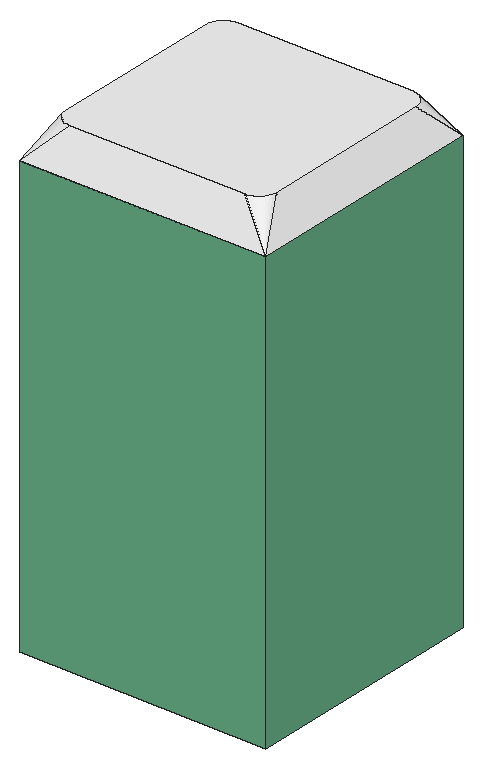
Revit family
Parameters (values of type "Porta-John")
  깊이 = 1050 mm
  폭 = 1050 mm
Reference planes
  plane 1 "중심(앞/뒤)": y = 6.318
  plane 2: z = 0
  plane 3 "중심(왼쪽/오른쪽)": x = 12.166
  plane 4: y = 531.318
  plane 5: x = 537.166
  plane 6: y = -518.682
  plane 7: x = -512.834
  plane 8: z = 2032
  plane 9: z = 1879.6
Forms (mm)
  Extrusion 1, solid, material "플라스틱 - 녹색"
    sketch origin (0, 0, 0) x (1, 0, 0) y (0, 1, 0)
      loop
        line (-512.834, 531.318) -> (-512.834, -518.682) -> (537.166, -518.682) -> (537.166, 531.318) -> (-512.834, 531.318)
    from 0 to 1879.6
  Blend 2, solid, material "플라스틱 - 흰색"
    base sketch origin (0, 0, 0) x (1, 0, 0) y (0, 1, 0)
      loop
        line (-512.834, 531.318) -> (-512.834, -518.682) -> (537.166, -518.682) -> (537.166, 531.318) -> (-512.834, 531.318)
    top sketch origin (0, 0, 0) x (1, 0, 0) y (0, 1, 0)
      loop
        arc (-360.434, 455.118) -> (-414.315, 432.8) -> (-436.634, 378.918) r 76.2
        line (-436.634, 378.918) -> (-436.634, -366.282)
        arc (-436.634, -366.282) -> (-414.315, -420.164) -> (-360.434, -442.482) r 76.2
        line (-360.434, -442.482) -> (384.766, -442.482)
        arc (384.766, -442.482) -> (438.648, -420.164) -> (460.966, -366.282) r 76.2
        line (460.966, -366.282) -> (460.966, 378.918)
        arc (460.966, 378.918) -> (438.648, 432.8) -> (384.766, 455.118) r 76.2
        line (384.766, 455.118) -> (-360.434, 455.118)
    from 1879.6 to 2032
Lines and regions (mm)
  Split face 1
    outline origin (-512.834, -518.682, 1879.6) x (0, 0, -1) y (1, 0, 0)
      loop
        line (1854.2, 203.2) -> (1854.2, 863.6) -> (250.478, 863.6)
        arc (250.478, 863.6) -> (142.715, 818.963) -> (98.078, 711.2) r 152.4
        line (98.078, 711.2) -> (98.078, 355.6)
        arc (98.078, 355.6) -> (142.715, 247.837) -> (250.478, 203.2) r 152.4
        line (250.478, 203.2) -> (1854.2, 203.2)
  Split face 2
    outline origin (-512.834, -518.682, 1879.6) x (0, 0, -1) y (1, 0, 0)
      loop
        line (1816.1, 241.3) -> (1816.1, 825.5) -> (260.35, 825.5)
        arc (260.35, 825.5) -> (175.038, 790.162) -> (139.7, 704.85) r 120.65
        line (139.7, 704.85) -> (139.7, 361.95)
        arc (139.7, 361.95) -> (175.038, 276.638) -> (260.35, 241.3) r 120.65
        line (260.35, 241.3) -> (1816.1, 241.3)
  model lines, style "물류"
    curve 1: line (-284.234, -1111.482, 0) -> (-284.234, -518.682, 0)
    curve 2: arc (-284.234, -1111.482, 0) -> (134.939, -937.855, 0) -> (308.566, -518.682, 0) r 592.8
Dimensions and locks
  "폭": plane 7 to plane 5
  equal spacing: plane 7, plane 3 "중심(왼쪽/오른쪽)", plane 5
  equal spacing: plane 6, plane 1 "중심(앞/뒤)", plane 4
  "깊이": plane 6 to plane 4
  locked: plane 8 to plane 2 at 2032
  locked: plane 8 to plane 9 at 152.4
  aligned and locked: plane 7 to Extrusion 1 sketch curve
  aligned and locked: plane 6 to Extrusion 1 sketch curve
  aligned and locked: plane 5 to Extrusion 1 sketch curve
  aligned and locked: plane 4 to Extrusion 1 sketch curve
  aligned and locked: Extrusion 1 to plane 9
  aligned and locked: Blend 2 sketch curve to Extrusion 1  (x3)
  aligned and locked: Extrusion 1 to Blend 2 sketch curve
  aligned and locked: Blend 2 to plane 8
  aligned and locked: Blend 2 to Extrusion 1
Automatic sketch dimensions
  Blend 2 sketch curve to plane 7 = 76.2 mm
  Blend 2 sketch curve to Blend 2 sketch curve = 76.2 mm  (x2)
  Blend 2 sketch curve to plane 6 = 76.2 mm
  plane 5 to Blend 2 sketch curve = 152.4 mm  (x2)
  plane 5 to Blend 2 sketch curve = 76.2 mm
  plane 4 to Blend 2 sketch curve = 152.4 mm
  Split face 1 sketch curve to Extrusion 1 = 98.078 mm
  Split face 1 sketch curve to Split face 1 sketch curve = 152.4 mm  (x2)
  Split face 1 sketch curve to Extrusion 1 = 25.4 mm
  Split face 1 sketch curve to Extrusion 1 = 203.2 mm
  Split face 1 sketch curve to Split face 1 sketch curve = 355.6 mm
  Split face 2 sketch curve to Extrusion 1 = 139.7 mm
  Split face 2 sketch curve to Split face 2 sketch curve = 120.65 mm  (x2)
  Split face 2 sketch curve to Extrusion 1 = 63.5 mm
  Split face 2 sketch curve to Extrusion 1 = 241.3 mm
  Split face 2 sketch curve to Split face 2 sketch curve = 342.9 mm
  curve 1 to plane 6 = 0 mm
  curve 2 to plane 6 = 0 mm
  curve 1 to plane 7 = 228.6 mm
  plane 5 to curve 2 = 228.6 mm
